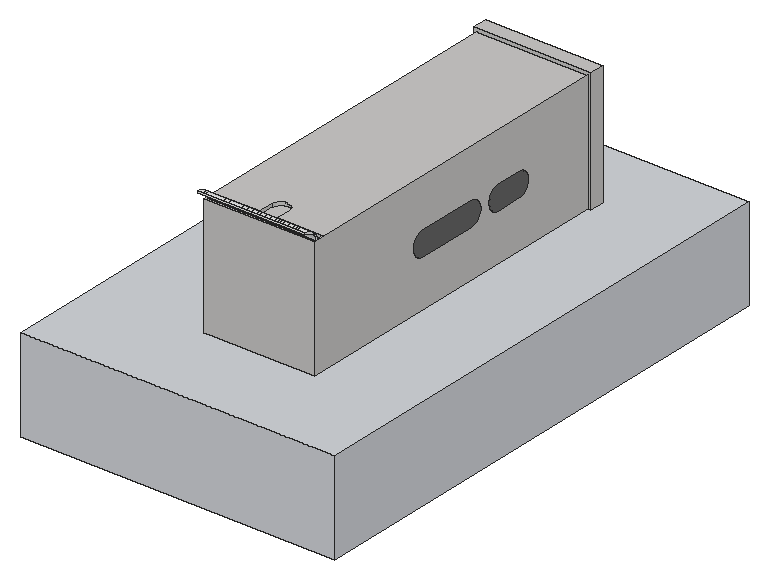
Revit family
Parameters (values of type "as Specified")
  Warranty Duration (Years) = 0
  Unit Width = 0' - 4 5/8"
  Unit Height = 1' - 2 7/8"
  Unit Depth = 0' - 5"
  URL = "http://www.bobrick.com/Pages/default.aspx"
  Test Data = ""
  Standards Conformance = "as Specified"
  Specification = ""
  SpecWizard = ""
  Send Message = "http://www.arcat.com/users.pl?action=UserEmail&company=Bobrick+Washroom+Equipment,+Inc.&coid=30988&rep=156&fax=818-503-1930&mf="
  Sales Information = "http://www.bobrick.com/Pages/ContactUs.aspx"
  Revision = "R1_2014-10"
  Region Restriction = "None"
  Product Properties = ""
  Product Data = "http://arcat.com/arcatcos/cos30/arc30988.html"
  Paper Material [instance] = Paper - Bobrick - Tissue
  Mounting Height [instance] = 2' - 4"
  Model = "B-27313"
  Manufacturer Website = "http://www.bobrick.com/Pages/default.aspx"
  Manufacturer Phone - Toll Free = ""
  Manufacturer Phone = "818-764-1000"
  Manufacturer Fax = "818-503-1930"
  Manufacturer Address = "11611 Hart St. North Hollywood, CA 91605-5882"
  Manufacturer = "Bobrick Washroom Equipment, Inc."
  Maintenance Schedule (Months) = 0
  Keynote = "102813"
  Installation-Fabrication = "http://www.bobrick.com/washroomaccessories/Pages/WashroomAccessories.aspx"
  Installation Phase = ""
  Green Building-LEED = ""
  Finish Material = Stainless Steel - Bobrick - Satin
  Expected Lifespan (Years) = 0
  Drawn By = "Sumex Design, Inc. / Robert S. Weygant, CSI, CDT, SCIP"
  Description = "Bobrick Surface Mounted Toilet Tissue Cabinet  - Classic Series B-27313"
  Default Elevation = 0' - 0"
  Copyright = "©Arcat Inc."
  Construction Details = ""
  Capacity = "Holds three standard-core toilet tissue rolls up to 4-1/2ï¿½ (114mm) diameter"
  Building Codes = ""
  Assembly Code = "E1090900"
  Accent Finish [instance] = Paint - Bobrick - Black
Reference planes (in)
  plane 1 "ADA Mount Line": y = -2.0192
  plane 2: z = 0
  plane 3 "Center (Left/Right)": x = 0
  plane 4: x = -2.3125
  plane 5: x = 2.3125
  plane 6 "FF": y = -44.8942
  plane 7: y = -16.8942
Forms (in)
  Extrusion 1, solid
    sketch origin (0, 0, 0) x (1, 0, 0) y (0, 1, 0)
      loop
        line (-7, 0.9808) -> (-7, -20.63614) -> (6.13433, -20.63614) -> (6.13433, 0.9808) -> (-7, 0.9808)
    from 0 to -3.89711
  Extrusion 2, solid, material "Stainless Steel - Bobrick - Satin" <- "Finish Material"
    sketch origin (0, 0, 0) x (1, 0, 0) y (0, 1, 0)
      loop
        line (2.4375, -2.0192) -> (-2.4375, -2.0192) -> (-2.4375, -2.6442) -> (2.4375, -2.6442) -> (2.4375, -2.0192)
    from 0 to 5.125
  Extrusion 3, solid, material "Stainless Steel - Bobrick - Satin" <- "Finish Material"
    sketch origin (0, 0, 0) x (1, 0, 0) y (0, 1, 0)
      loop
        line (-2.3125, -2.6442) -> (-2.3125, -16.8942) -> (-2.25, -16.8942) -> (-2.25, -2.6442) -> (-2.3125, -2.6442)
      loop
        line (2.3125, -2.6442) -> (2.25, -2.6442) -> (2.25, -16.8942) -> (2.3125, -16.8942) -> (2.3125, -2.6442)
    from 0 to 5
  Extrusion 4, solid, material "Stainless Steel - Bobrick - Satin" <- "Finish Material"
    sketch origin (0, 0, 0) x (1, 0, 0) y (0, 1, 0)
      loop
        line (-2.3125, -16.8942) -> (2.3125, -16.8942) -> (2.3125, -16.80045) -> (-2.3125, -16.80045) -> (-2.3125, -16.8942)
    from 0 to 5
  Extrusion 5, solid, material "Paper - Bobrick - Tissue" <- "Paper Material"
    sketch origin (0, 0, 0) x (0, 1, 0) y (0, 0, 1)
      loop
        line (-16.72349, 4.77061) -> (-16.66095, 4.77061) -> (-16.66337, 4.84008)
        arc (-16.66337, 4.84008) -> (-16.86185, 5.29936) -> (-17.31934, 5.50195) r 0.68649
        line (-17.31934, 5.50195) -> (-17.31934, 5.43939)
        arc (-17.31934, 5.43939) -> (-16.90528, 5.25439) -> (-16.72584, 4.8379) r 0.62399
        line (-16.72584, 4.8379) -> (-16.72349, 4.77061)
    from 2.25 to -2.25
  Extrusion 6, solid, material "Stainless Steel - Bobrick - Satin" <- "Finish Material"
    sketch origin (0, 0, 0) x (1, 0, 0) y (0, 1, 0)
      loop
        line (-2.3125, -2.6442) -> (-2.3125, -16.3942) -> (-0.375, -16.3942) -> (-0.375, -15.7692)
        arc (-0.375, -15.7692) -> (0, -15.3942) -> (0.375, -15.7692) r 0.375
        line (0.375, -15.7692) -> (0.375, -16.3942) -> (2.3125, -16.3942) -> (2.3125, -2.6442) -> (-2.3125, -2.6442)
    from 4.875 to 5
  Extrusion 7, solid, material "Stainless Steel - Bobrick - Satin" <- "Finish Material"
    sketch origin (0, 0, 0) x (0, 1, 0) y (0, 0, 1)
      loop
        line (-16.80045, 4.875) -> (-16.80045, 0) -> (-2.6442, 0) -> (-2.6442, 4.875) -> (-16.80045, 4.875)
    from -2.3125 to 2.3125
  Extrusion 8, solid, material "Paint - Bobrick - Black" <- "Accent Finish"
    sketch origin (0, 0, 0) x (0, 1, 0) y (0, 0, 1)
      loop
        line (-6.2692, 3) -> (-7.3317, 3)
        arc (-7.3317, 3) -> (-7.8317, 2.5) -> (-7.3317, 2) r 0.5
        line (-7.3317, 2) -> (-6.2692, 2)
        arc (-6.2692, 2) -> (-5.7692, 2.5) -> (-6.2692, 3) r 0.5
      loop
        line (-8.7692, 3) -> (-11.2692, 3)
        arc (-11.2692, 3) -> (-11.7692, 2.5) -> (-11.2692, 2) r 0.5
        line (-11.2692, 2) -> (-8.7692, 2)
        arc (-8.7692, 2) -> (-8.2692, 2.5) -> (-8.7692, 3) r 0.5
    from -2.34501 to 2.34018
  Extrusion 9, solid, material "Stainless Steel - Bobrick - Satin" <- "Finish Material"
    sketch origin (-2.3125, -2.0192, 0) x (-1, 0, 0) y (0, 0, 1)
      loop
        circle (-2.3125, 4.375) r 0.5
    from 0 to 0.25
Cuts and joins
  joined: Extrusion 3, Extrusion 4, Extrusion 6, Extrusion 7
Dimensions and locks (in)
  equal spacing: plane 4, plane 3 "Center (Left/Right)", plane 5
  "Unit Width": plane 4 to plane 5
  "Mounting Height": plane 7 to plane 6 "FF"
  "Unit Height": plane 7 to plane 1 "ADA Mount Line"
  locked: Extrusion 2 sketch curve to plane 1 "ADA Mount Line" at 0.625
  locked: Extrusion 3 sketch curve to plane 1 "ADA Mount Line" at 0.625  (x2)
  locked: Extrusion 4 sketch curve to plane 7 at 0.09375
  aligned and locked: plane 2 to Extrusion 1
  aligned and locked: level to Extrusion 1
  aligned and locked: Extrusion 3 sketch curve to plane 7
  aligned and locked: plane 7 to Extrusion 3 sketch curve
  aligned and locked: plane 7 to Extrusion 4 sketch curve
Automatic sketch dimensions
  Extrusion 1 sketch curve to Extrusion 1 sketch curve = 1' - 1.13433"
  Extrusion 1 sketch curve to Extrusion 1 sketch curve = 1' - 9.61695"
  plane 1 "ADA Mount Line" to Extrusion 2 sketch curve = 0' - 0"
  Extrusion 2 sketch curve to plane 4 = 0' - 0 1/8"
  plane 5 to Extrusion 2 sketch curve = 0' - 0 1/8"
  Extrusion 3 sketch curve to plane 4 = 0' - 0"
  Extrusion 3 sketch curve to plane 5 = 0' - 0"
  plane 4 to Extrusion 3 sketch curve = 0' - 0 1/16"
  Extrusion 3 sketch curve to plane 5 = 0' - 0 1/16"
  Extrusion 4 sketch curve to plane 4 = 0' - 0"
  Extrusion 4 sketch curve to plane 5 = 0' - 0"
  Extrusion 6 sketch curve to plane 4 = 0' - 0"
  Extrusion 6 sketch curve to plane 3 "Center (Left/Right)" = 0' - 0"
  Extrusion 6 sketch curve to plane 5 = 0' - 0"
  Extrusion 6 sketch curve to plane 3 "Center (Left/Right)" = 0' - 0 3/8"
  plane 7 to Extrusion 6 sketch curve = 0' - 0 1/2"  (x2)
  Extrusion 6 sketch curve to Extrusion 6 sketch curve = 0' - 0 5/8"
  plane 1 "ADA Mount Line" to Extrusion 6 sketch curve = 0' - 0 5/8"
  Extrusion 7 sketch curve to level = 0' - 0"
  plane 7 to Extrusion 7 sketch curve = 0' - 0 3/32"
  plane 1 "ADA Mount Line" to Extrusion 7 sketch curve = 0' - 0 5/8"
  level to Extrusion 8 sketch curve = 0' - 2"  (x2)
  plane 7 to Extrusion 8 sketch curve = 0' - 5 5/8"
  Extrusion 8 sketch curve to Extrusion 8 sketch curve = 0' - 2 1/2"
  Extrusion 8 sketch curve to Extrusion 8 sketch curve = 0' - 1 7/16"
  Extrusion 8 sketch curve to Extrusion 8 sketch curve = 0' - 1 1/16"
  Extrusion 8 sketch curve to Extrusion 8 sketch curve = 0' - 0 1/2"  (x2)
  Extrusion 5 sketch curve to Extrusion 5 sketch curve = 0' - 0"  (x3)
  Extrusion 5 sketch curve to plane 7 = 0' - 0.45526"
  Extrusion 5 sketch curve to plane 7 = 0' - 0.42514"
  plane 7 to Extrusion 5 sketch curve = 0' - 0.16836"
  Extrusion 5 sketch curve to Extrusion 5 sketch curve = 0' - 0.00235"
  Extrusion 5 sketch curve to Extrusion 5 sketch curve = 0' - 0.06246"
  Extrusion 5 sketch curve to Extrusion 5 sketch curve = 0' - 0.06254"
  Extrusion 5 sketch curve to Extrusion 5 sketch curve = 0' - 0.04551"
  Extrusion 5 sketch curve to Extrusion 5 sketch curve = 0' - 0.06728"
  Extrusion 5 sketch curve to Extrusion 5 sketch curve = 0' - 0.00218"
  level to Extrusion 5 sketch curve = 0' - 4.77061"
  Extrusion 7 sketch curve to Extrusion 7 sketch curve = 0' - 4 7/8"
  Extrusion 2 to Extrusion 9 sketch curve = 0' - 0 3/4"
  Extrusion 2 to Extrusion 9 sketch curve = 0' - 2 7/16"
  radius of Extrusion 9 sketch curve = 0' - 0 1/2"
